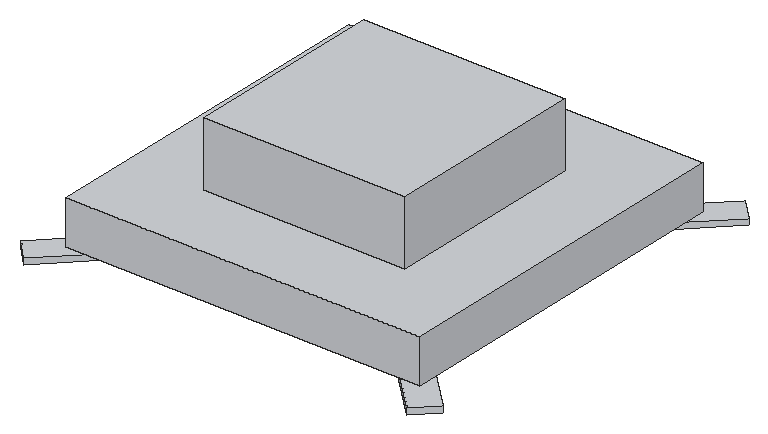
Revit family "Im-Beton-Kanalsystem_IBK_Im-Beton-Dose_für_GES9", category Generic Models, Revit 2015
Parameters (values of type "IBD 35038 9")
  Width = 440 mm
  URL = "http://www.obo-bettermann.com"
  Material = Steel, Galvanized
  Manufacturer Art. No. = "7399850"
  Manufacturer = "OBO Bettermann"
  Height = 142.2 mm
  GTIN = "4012196331734"
  Dose Height = 62 mm
  Aufnahme width = 249 mm
  Article Type = "IBD 35038 9"
Types (3, lengths in mm): name | Manufacturer Art. No. | Height | GTIN | Dose Height | Article Type
  (no name) | "7399850" | 142.2 | "4012196331734" | 62 | "IBD 35038 9"
  IBD 35038 9 | "7399850" | 142.2 | "4012196331734" | 62 | "IBD 35038 9"
  IBD 35048 9 | "7399852" | 152.2 | "4012196331741\r\n4012196331741" | 72 | "IBD 35048 9"
Reference planes
  plane 1 "Center (Front/Back)": y = 0
  plane 2: z = 0
  plane 3 "Center (Left/Right)": x = 0
  plane 4: z = 7.4
  plane 5: z = 62
  plane 6: z = 142.2
  plane 7: x = -220
  plane 8: y = 220
  plane 9: x = 220
  plane 10: y = -220
  plane 11: y = 124.5
  plane 12: x = 124.5
  plane 13: y = -124.5
  plane 14: x = -124.5
  plane 15: through (-316.49, -291.725, 1200) normal (-0.7071, 0.7071, 0)
  plane 16: through (-289.335, -314.067, 1200) normal (-0.7071, 0.7071, 0)
  plane 17: through (-160.782, -160.765, 1200) normal (0.7071, -0.7071, 0)
Forms (mm)
  Extrusion 1, solid
    sketch origin (0, 0, 0) x (1, 0, 0) y (0, 1, 0)
      loop
        line (-220, 220) -> (-220, -220) -> (220, -220) -> (220, 220) -> (-220, 220)
    from 7.4 to 62
  Extrusion 2, solid
    sketch origin (0, 0, 0) x (1, 0, 0) y (0, 1, 0)
      loop
        line (-124.5, 124.5) -> (-124.5, -124.5) -> (124.5, -124.5) -> (124.5, 124.5) -> (-124.5, 124.5)
    from 62 to 142.2
  Extrusion 3, solid
    sketch origin (0, 0, 0) x (1, 0, 0) y (0, 1, 0)
      loop
        line (-237.806, 262.538) -> (-262.555, 237.79) -> (-195.38, 170.614) -> (-170.631, 195.363) -> (-237.806, 262.538)
      loop
        line (195.38, 170.614) -> (262.555, 237.79) -> (237.806, 262.538) -> (170.631, 195.363) -> (195.38, 170.614)
      loop
        line (262.555, -237.79) -> (195.38, -170.614) -> (170.631, -195.363) -> (237.806, -262.538) -> (262.555, -237.79)
      loop
        line (-237.806, -262.538) -> (-170.631, -195.363) -> (-195.38, -170.614) -> (-262.555, -237.79) -> (-237.806, -262.538)
    from 0 to 7.4
Lines and regions (mm)
  model lines
    curve 1: line (-220, 220, 0) -> (220, 220, 0)
    curve 2: line (220, 220, 0) -> (220, -220, 0)
    curve 3: line (220, -220, 0) -> (-220, -220, 0)
    curve 4: line (-220, -220, 0) -> (-220, 220, 0)
    curve 5: line (-124.5, 124.5, 0) -> (124.5, 124.5, 0)
    curve 6: line (124.5, 124.5, 0) -> (124.5, -124.5, 0)
    curve 7: line (124.5, -124.5, 0) -> (-124.5, -124.5, 0)
    curve 8: line (-124.5, -124.5, 0) -> (-124.5, 124.5, 0)
    curve 9: line (-195.38, -170.614, 0) -> (-262.555, -237.79, 0)
    curve 10: line (-262.555, -237.79, 0) -> (-237.806, -262.538, 0)
    curve 11: line (-237.806, -262.538, 0) -> (-170.631, -195.363, 0)
    curve 12: line (-195.38, -170.614, 0) -> (-170.631, -195.363, 0)
    curve 13: line (262.555, -237.79, 0) -> (237.806, -262.538, 0)
    curve 14: line (195.38, -170.614, 0) -> (262.555, -237.79, 0)
    curve 15: line (262.555, -237.79, 0) -> (237.806, -262.538, 0)
    curve 16: line (237.806, -262.538, 0) -> (170.631, -195.363, 0)
    curve 17: line (195.38, -170.614, 0) -> (170.631, -195.363, 0)
    curve 18: line (-195.38, 170.614, 0) -> (-262.555, 237.79, 0)
    curve 19: line (-262.555, 237.79, 0) -> (-237.806, 262.538, 0)
    curve 20: line (-237.806, 262.538, 0) -> (-170.631, 195.363, 0)
    curve 21: line (-195.38, 170.614, 0) -> (-170.631, 195.363, 0)
    curve 22: line (195.38, 170.614, 0) -> (262.555, 237.79, 0)
    curve 23: line (262.555, 237.79, 0) -> (237.806, 262.538, 0)
    curve 24: line (237.806, 262.538, 0) -> (170.631, 195.363, 0)
    curve 25: line (195.38, 170.614, 0) -> (170.631, 195.363, 0)
Dimensions and locks
  locked: level to plane 4 at 7.4
  "Dose Height": level to plane 5
  "Height": level to plane 6
  equal spacing: plane 7, plane 3 "Center (Left/Right)", plane 9
  "Width": plane 7 to plane 9
  equal spacing: plane 8, plane 1 "Center (Front/Back)", plane 10
  "Width": plane 8 to plane 10
  "Aufnahme width": plane 14 to plane 12
  equal spacing: plane 14, plane 3 "Center (Left/Right)", plane 12
  equal spacing: plane 11, plane 1 "Center (Front/Back)", plane 13
  "Aufnahme width": plane 11 to plane 13
  plane 15 to plane 16 = 35 mm
  curve 10 to curve 12 = 95 mm
  locked: Extrusion 1 to plane 16 (angle 45.00°)
  locked: Extrusion 1 to plane 15 (angle 45.00°)
  aligned and locked: level to plane 2
  aligned and locked: curve 1 to plane 8
  aligned and locked: curve 2 to plane 9
  aligned and locked: plane 10 to curve 3
  aligned and locked: plane 7 to curve 4
  aligned and locked: Extrusion 1 sketch curve to curve 1
  aligned and locked: Extrusion 1 sketch curve to curve 4
  aligned and locked: Extrusion 1 sketch curve to curve 3
  aligned and locked: Extrusion 1 sketch curve to curve 2
  aligned and locked: Extrusion 1 to plane 4
  aligned and locked: plane 5 to Extrusion 1
  aligned and locked: curve 5 to plane 11
  aligned and locked: curve 6 to plane 12
  aligned and locked: plane 13 to curve 7
  aligned and locked: plane 14 to curve 8
  aligned and locked: Extrusion 2 sketch curve to curve 5
  aligned and locked: Extrusion 2 sketch curve to curve 8
  aligned and locked: Extrusion 2 sketch curve to curve 7
  aligned and locked: Extrusion 2 sketch curve to curve 6
  aligned and locked: Extrusion 2 to plane 5
  aligned and locked: plane 6 to Extrusion 2
  aligned and locked: plane 15 to curve 9
  aligned and locked: curve 11 to plane 16
  aligned and locked: Extrusion 3 sketch curve to curve 20
  aligned and locked: Extrusion 3 sketch curve to curve 19
  aligned and locked: Extrusion 3 sketch curve to curve 18
  aligned and locked: Extrusion 3 sketch curve to curve 21
  aligned and locked: Extrusion 3 sketch curve to curve 25
  aligned and locked: Extrusion 3 sketch curve to curve 22
  aligned and locked: Extrusion 3 sketch curve to curve 24
  aligned and locked: Extrusion 3 sketch curve to curve 23
  aligned and locked: Extrusion 3 sketch curve to curve 15
  aligned and locked: Extrusion 3 sketch curve to curve 14
  aligned and locked: Extrusion 3 sketch curve to curve 17
  aligned and locked: Extrusion 3 sketch curve to curve 16
  aligned and locked: Extrusion 3 sketch curve to curve 11
  aligned and locked: Extrusion 3 sketch curve to curve 10
  aligned and locked: Extrusion 3 sketch curve to curve 9
  aligned and locked: Extrusion 3 sketch curve to curve 12
  aligned and locked: plane 4 to Extrusion 3
  aligned and locked: Extrusion 3 to level
Automatic sketch dimensions
  curve 10 to plane 15 = 0 mm
  curve 20 to plane 7 = 17.806 mm
  curve 10 to plane 7 = 17.806 mm
  curve 19 to curve 19 = 24.749 mm
  plane 7 to curve 21 = 24.62 mm
  plane 12 to curve 24 = 46.131 mm
  plane 12 to curve 17 = 46.131 mm
  curve 25 to plane 9 = 24.62 mm
  curve 14 to plane 9 = 24.62 mm
  plane 9 to curve 23 = 17.806 mm
  plane 9 to curve 16 = 17.806 mm
  curve 15 to plane 10 = 42.538 mm
  curve 13 to plane 10 = 17.79 mm
  curve 21 to plane 8 = 49.386 mm
  curve 22 to plane 8 = 49.386 mm
  curve 21 to plane 8 = 24.637 mm
  curve 25 to plane 8 = 24.637 mm
  Extrusion 3 sketch curve to plane 7 = 17.806 mm
